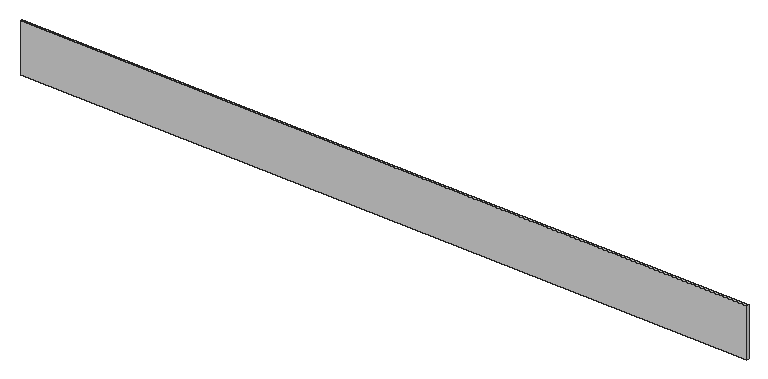
Revit family "BIMSF-FlatStrap", category Structural Framing, Revit 2024
Family settings
  Section Shape = Rectangle
  Material for Model Behavior = Steel
  Always export as geometry = No
  Always vertical = No
  Cut with Voids When Loaded = No
  Symbolic Representation = From Project Settings
  Shared = No
  Show family pre-cut in plan views = Yes
Parameters (values of type "Default")
  Width_x = 0' - 4"
  Weight = 0.00 lbf/ft
  Thickness = 0' - 0 1/8"
  Structural Material [instance] = Metal - Steel - ASTM A992
  Short Tag = ""
  Reported Length [instance] = 5' - 0"
  Model = "V2"
  Long Tag = ""
  Assembly Code = "B10"
  Length [instance] = 5' - 0"
  b = Thickness  # 0' - 0 1/8"
  d = Width_x  # 0' - 4"
Types (2): name | Width_x | Thickness | Structural Material | Model | b | d
  Default | 0' - 4" | 0' - 0 1/8" | Metal - Steel - ASTM A992 | "V2" | 0' - 0 1/8" | 0' - 4"
  2x12 | 0' - 0" | 0' - 0" | Wood - Dimensional Lumber | 0' - 0" | 0' - 0" | 0' - 0"
Reference planes (in)
  plane 1 "Center (Front/Back)": y = 0
  plane 2: z = 0
  plane 3 "Center (Left/Right)": x = 0.1815
  plane 4: y = 0.0625
  plane 5: y = -0.0625
  plane 6: z = 2
  plane 7: z = -2
  plane 8 "Left": x = -29.8185
  plane 9 "Right": x = 30.1815
Forms (in)
  Sweep 1, solid, material "Metal - Steel - ASTM A992" <- "Structural Material", detail levels medium+fine
    path origin (0, 0, 0) x (1, 0, 0) y (0, 1, 0)
      loop
        line (30.1815, 0) -> (-29.8185, 0)
    profile "Rectangular Wood Beam-Profile : Rectangular Wood Beam-Profile" origin (0.1815, 0, 0) x (0, -1, 0) y (0, 0, 1)
      loop
        line (-0.0625, -2) -> (0.0625, -2) -> (0.0625, 2) -> (-0.0625, 2) -> (-0.0625, -2)
Lines and regions (in)
  symbolic lines, style "Stick Symbols", detail levels coarse
    curve 1: line (0.1815, 0.0625, 2) -> (0.1815, -0.0625, 2)
    curve 2: line (0.1815, -0.0625, -2) -> (0.1815, 0.0625, -2)
    curve 3: line (0.1815, -0.0625, 2) -> (0.1815, -0.0625, -2)
    curve 4: line (0.1815, 0.0625, -2) -> (0.1815, 0.0625, 2)
  model lines, style "BIMSF.Framing"
    curve 5: line (-29.8185, 0, 0) -> (30.1815, 0, 0)
Dimensions and locks (in)
  "b": plane 4 to plane 5
  "d": plane 7 to plane 6
  equal spacing: plane 7, plane 2, plane 6
  equal spacing: plane 4, plane 1 "Center (Front/Back)", plane 5
  "Length": plane 8 "Left" to plane 9 "Right"
  "Reported Length": Sweep 1 to Sweep 1
  aligned and locked: Sweep 1 sketch curve to plane 1 "Center (Front/Back)"
  aligned and locked: curve 1 to Sweep 1
  aligned and locked: curve 2 to Sweep 1
  aligned and locked: curve 3 to Sweep 1
  aligned and locked: curve 4 to Sweep 1
  aligned and locked: nested 1 to plane 6
  aligned and locked: nested 1 to plane 4
  aligned and locked: plane 8 "Left" to curve 5
  aligned and locked: plane 9 "Right" to curve 5
Automatic sketch dimensions
  Sweep 1 sketch curve to plane 8 "Left" = 0' - 0"
  plane 9 "Right" to Sweep 1 sketch curve = 0' - 0"
  curve 5 to plane 1 "Center (Front/Back)" = 0' - 0"
Nested families (in)
  nested 1: "Nominal Cut Lumber-Section" at (0.1815, 0.0625, 2) x (0, -1, 0) z (1, 0, 0), type "1x3"
Definition of nested family "Nominal Cut Lumber-Section"
  Parameters
    Width = 0' - 1 1/2"
    Keynote = "06 11 00.D1"
    Depth = 0' - 3 1/2"
  Reference planes (in)
    plane 1 "Center (Front/Back)": y = 0
    plane 2: z = 0
    plane 3 "Center (Left/Right)": x = 0
    plane 4: y = 3.5
    plane 5: x = 1.5
  Lines and regions (in)
    Masking region 1, in view "Ground floor"
      outline origin (0, 0, 0) x (1, 0, 0) y (0, 1, 0)
        loop
          line (0, 3.5) -> (0, 0) -> (1.5, 0) -> (1.5, 3.5) -> (0, 3.5)
    detail lines, in view "Ground floor"
      curve 1: line (1.5, 3.5, 0) -> (0, 0, 0)
      curve 2: line (1.5, 0, 0) -> (0, 3.5, 0)
  Dimensions and locks (in)
    "Width": plane 3 "Center (Left/Right)" to plane 5
    "Depth": plane 4 to plane 1 "Center (Front/Back)"
    aligned and locked: Masking region 1 sketch curve to plane 1 "Center (Front/Back)"
    aligned and locked: plane 5 to Masking region 1 sketch curve
    aligned and locked: Masking region 1 sketch curve to plane 4
    aligned and locked: plane 3 "Center (Left/Right)" to Masking region 1 sketch curve
    aligned and locked: Masking region 1 to curve 1  (x2)
    aligned and locked: curve 2 to Masking region 1  (x2)
  Automatic sketch dimensions
    curve 2 to plane 1 "Center (Front/Back)" = 0' - 0"
    curve 1 to plane 1 "Center (Front/Back)" = 0' - 0"
    curve 2 to plane 4 = 0' - 0"
    curve 1 to plane 4 = 0' - 0"
